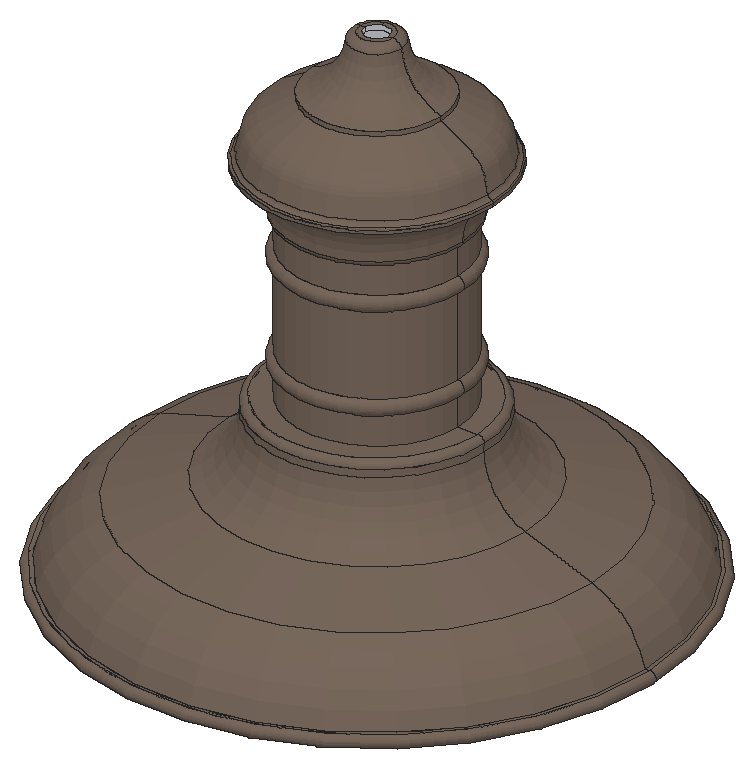
Revit family "TA12 SHADE", category Lighting Fixtures, Revit 2024
Family settings
  Round Connector Dimension = Use Diameter
  Part Type = Normal
  OmniClass Number = 23.80.70.00
  OmniClass Title = Lighting
  Work Plane-Based = No
  Always vertical = Yes
  Cut with Voids When Loaded = No
  Light Source = Yes
  Maintain Annotation Orientation = No
  Shared = No
  Room Calculation Point = No
Parameters
  Wattage = 12.1178 W
  built-in parameter 1150110 = 1 (stored number, unit not read)
  built-in parameter 1114217 = 1 (stored number, unit not read)
  built-in parameter 1150109 = 1 (stored number, unit not read)
  built-in parameter 1150134 = (empty or 0)
  built-in parameter 1150113 = 1 (stored number, unit not read)
  Lumens = 1800 lm
  built-in parameter 1150115 = 1 (stored number, unit not read)
  built-in parameter 1150105 = 572.96 (stored number, unit not read)
  Light Source Symbol Size = 2' - 0"
  built-in parameter 1150137 = (empty or 0)
  built-in parameter 1150139 = (empty or 0)
  built-in parameter 1150112 = 1 (stored number, unit not read)
  built-in parameter 1150114 = 1 (stored number, unit not read)
  built-in parameter 1150132 = 2
  built-in parameter 1150102 = (empty or 0)
  built-in parameter 1150138 = (empty or 0)
  built-in parameter 1150107 = 3000 (stored number, unit not read)
  built-in parameter 1150106 = 5.7296 (stored number, unit not read)
  built-in parameter 1150104 = 13.8 (stored number, unit not read)
  Dimming Lamp Color Temperature Shift = (empty or 0)
  Default Elevation = 0' - 0"
  Color Filter = 16777215
  built-in parameter 1114218 = 1 (stored number, unit not read)
  built-in parameter 1150133 = 10 (stored number, unit not read)
Reference planes (in)
  plane 1 "Light Source Axis (F/B)": y = 0
  plane 2: z = 0
  plane 3 "Light Source Axis (L/R)": x = 0
  plane 4 "Light Source Elevation": z = 54
Forms (in)
  Revolve 1, solid
    sketch origin (0, 0, 0) x (1, 0, 0) y (0, 0, 1)
      loop
        line (-5.75, 54.125) -> (-5.70554, 54.22512)
        arc (-5.70554, 54.22512) -> (-5.3066, 54.95477) -> (-4.62358, 55.42913) r 1.81059
        line (-4.62358, 55.42913) -> (-3.14585, 55.88091)
        arc (-3.14585, 55.88091) -> (-2.49279, 56.4084) -> (-2.21917, 57.20205) r 1.5205
        line (-2.21917, 57.20205) -> (-2.21917, 57.35855)
        arc (-2.21917, 57.35855) -> (-2.2052, 57.39228) -> (-2.17147, 57.40625) r 0.0477
        line (-2.17147, 57.40625) -> (-1.65625, 57.40625) -> (-1.65625, 60.28125) -> (-1.65625, 61) -> (-1.75774, 61.10149)
        arc (-1.75774, 61.10149) -> (-1.9179, 61.67523) -> (-2.35207, 62.08307) r 1.10775
        line (-2.35207, 62.08307) -> (-2.30159, 62.1796)
        spline (-2.30159, 62.1796) -> (-2.24698, 62.40762) -> (-2.21344, 62.52527) -> (-2.18719, 62.59136) -> (-2.16024, 62.63911) -> (-2.12608, 62.68437) -> (-2.08139, 62.73272) -> (-2.02181, 62.78624) -> (-1.94187, 62.84733) -> (-1.8361, 62.91725) -> (-1.69683, 62.99762) -> (-1.51473, 63.09035) -> (-1.28125, 63.1971)
        line (-1.28125, 63.1971) -> (-1.28125, 63.28071)
        arc (-1.28125, 63.28071) -> (-0.70357, 63.68623) -> (-0.43742, 64.33994) r 1.25071
        arc (-0.43742, 64.33994) -> (-0.40318, 64.38775) -> (-0.3473, 64.40605) r 0.09449
        line (-0.3473, 64.40605) -> (-0.25, 64.40605) -> (-0.25, 64.4998) -> (-0.3473, 64.4998)
        arc (-0.3473, 64.4998) -> (-0.46319, 64.45989) -> (-0.52994, 64.3571) r 0.18824
        arc (-0.52994, 64.3571) -> (-0.79553, 63.72186) -> (-1.375, 63.35) r 1.15696
        line (-1.375, 63.35) -> (-1.375, 63.25823)
        spline (-1.375, 63.25823) -> (-1.59626, 63.1549) -> (-1.7704, 63.0642) -> (-1.90553, 62.98442) -> (-2.00973, 62.91387) -> (-2.09063, 62.85082) -> (-2.15327, 62.7934) -> (-2.20189, 62.73969) -> (-2.24067, 62.68725) -> (-2.27331, 62.62829) -> (-2.3033, 62.55161) -> (-2.33835, 62.42806) -> (-2.39271, 62.20092)
        arc (-2.39271, 62.20092) -> (-2.41779, 62.14071) -> (-2.46875, 62.1) r 0.13128
        arc (-2.46875, 62.1) -> (-2.49085, 62.09085) -> (-2.5, 62.06875) r 0.03125
        line (-2.5, 62.06875) -> (-2.5, 62) -> (-2.39552, 62)
        arc (-2.39552, 62) -> (-1.9981, 61.62668) -> (-1.85149, 61.10149) r 1.014
        arc (-1.85149, 61.10149) -> (-1.82176, 61.02973) -> (-1.75, 61) r 0.10149
        line (-1.75, 61) -> (-1.75, 60.40625)
        arc (-1.75, 60.40625) -> (-1.875, 60.25) -> (-1.75, 60.09375) r 0.16016
        line (-1.75, 60.09375) -> (-1.75, 58.40625)
        arc (-1.75, 58.40625) -> (-1.875, 58.25) -> (-1.75, 58.09375) r 0.16016
        line (-1.75, 58.09375) -> (-1.75, 57.5) -> (-2.17147, 57.5)
        arc (-2.17147, 57.5) -> (-2.27149, 57.45857) -> (-2.31292, 57.35855) r 0.14145
        line (-2.31292, 57.35855) -> (-2.31292, 57.20454)
        arc (-2.31292, 57.20454) -> (-2.56886, 56.46319) -> (-3.17796, 55.96913) r 1.42675
        line (-3.17796, 55.96913) -> (-4.65447, 55.51772)
        arc (-4.65447, 55.51772) -> (-5.37509, 55.01882) -> (-5.79593, 54.25) r 1.90434
        line (-5.79593, 54.25) -> (-5.875, 54.25)
        arc (-5.875, 54.25) -> (-5.96339, 54.03661) -> (-5.75, 54.125) r 0.125
      axis (0, 64.4998) -> (0, 54.125)
    angle from 0 to 360
Dimensions and locks (in)
  aligned and locked: plane 3 "Light Source Axis (L/R)" to imposter light
  aligned and locked: plane 1 "Light Source Axis (F/B)" to imposter light
  aligned and locked: plane 4 "Light Source Elevation" to imposter light
  aligned and locked: level to plane 2
